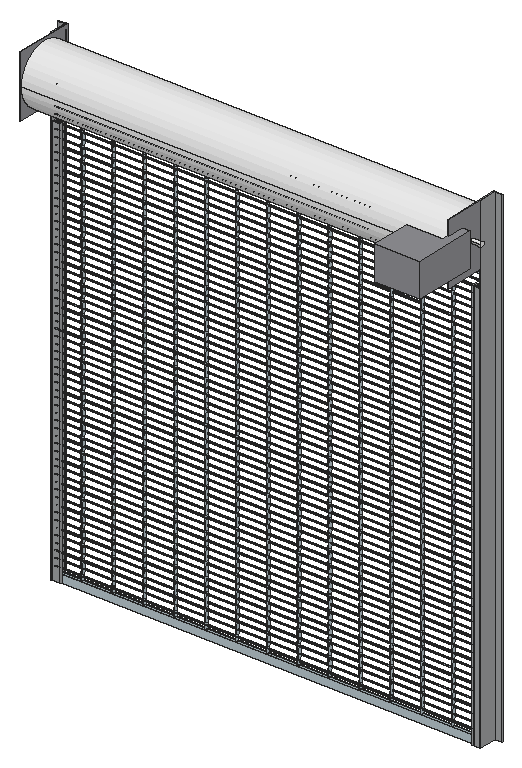
Revit family "Doors_Industrial_Overhead-Door-Corporation_Upward-Coiling-Security-Grilles-671_", category Specialty Equipment, host Wall, Revit 2019 (continued)
Definition of nested family "Motor"
  Dimensions and locks (in)
    aligned and locked: Extrusion 13 to Masking region 1 sketch curve
    aligned and locked: Extrusion 13 sketch curve to plane 13 "Hood Face"
  Automatic sketch dimensions
    plane 1 "Center (Front/Back)" to Revolve 3 sketch curve = 0"
    Revolve 3 sketch curve to Revolve 3 sketch curve = 0.09915"
    Revolve 3 sketch curve to Revolve 3 sketch curve = 4.7892"
    Revolve 3 sketch curve to plane 14 = 1.9628"
    Extrusion 9 sketch curve to plane 3 "Center (Left/Right)" = 0.988"
    plane 3 "Center (Left/Right)" to Extrusion 9 sketch curve = 0.988"
    Extrusion 2 sketch curve to plane 3 "Center (Left/Right)" = 0"
    Extrusion 2 sketch curve to Extrusion 2 sketch curve = 0.1984"
    Extrusion 2 sketch curve to Extrusion 2 sketch curve = 0.15206"
    Extrusion 2 sketch curve to Extrusion 2 sketch curve = 0.25654"
    Extrusion 2 sketch curve to Extrusion 2 sketch curve = 0"  (x2)
    Extrusion 2 sketch curve to Extrusion 2 sketch curve = 0.0593"
  Nested families (in)
    nested 1: "2D_NotScalableMain_29e791da-3db9-4234-ab15-44456784202b" at (0, 0, 0), visible <- "CH Real", type "Default"
      with Not Top + Bench no, Face Mount yes, E-Egress yes
  Definition of nested family "2D_NotScalableMain_29e791da-3db9-4234-ab15-44456784202b"
    Parameters (values of type "Default")
      Wall Mount = no
      Top Mount = no
      Not Top + Bench = yes
      Fire King Face Mount = no
      Face Mount = no
      Top + Bench = no
      E-Egress = no
      Chain Hoist = no
      Bench Mount = no
    Reference planes (in)
      plane 1 "Center (Front/Back)": y = 0
      plane 2: z = 0
      plane 3 "Center (Left/Right)": x = 0
    Lines and regions (in)
      Masking region 1, in view "Ref. Level", visible <- "Not Top + Bench"
        outline origin (0, 0, 0) x (1, 0, 0) y (0, 1, 0)
          loop
            line (-6.9985, -0.96741) -> (-5.7485, -0.96741) -> (-5.7485, -0.30491) -> (-5.5274, -0.30491) -> (-5.5274, -1.76746) -> (-5.42825, -1.86661) -> (-4.5757, -1.86661) -> (-4.5757, -3.22517) -> (-4.134, -3.22517) -> (-4.134, -5.05565) -> (-4.3324, -5.05565) -> (-4.3324, -5.3122)
            arc (-4.3324, -5.3122) -> (-4.24466, -5.55085) -> (-4.02324, -5.67585) r 0.36846
            arc (-4.02324, -5.67585) -> (0, -6.0017) -> (4.02324, -5.67585) r 25
            arc (4.02324, -5.67585) -> (4.24466, -5.55085) -> (4.3324, -5.3122) r 0.36846
            line (4.3324, -5.3122) -> (4.3324, -5.05565) -> (4.116, -5.05565) -> (4.116, -3.22517) -> (4.57, -3.22517) -> (4.57, -1.27241) -> (4.799, -1.27241) -> (4.799, -0.84111) -> (5.199, -0.84111) -> (5.199, 0.79) -> (7.2495, 0.79) -> (7.2495, -1.81) -> (7.52, -1.81) -> (7.52, 0.79) -> (8.82, 0.79) -> (8.82, 1.59) -> (7.52, 1.59) -> (7.52, 4.19) -> (7.2495, 4.19) -> (7.2495, 1.59) -> (4.57, 1.59) -> (4.57, 3.22517) -> (2.988, 3.22517) -> (2.988, 4.96193) -> (-2.988, 4.96193) -> (-2.988, 3.22517) -> (-4.5757, 3.22517) -> (-4.5757, 1.86661) -> (-5.42825, 1.86661) -> (-5.5274, 1.76746) -> (-5.5274, 0.30491) -> (-5.7485, 0.30491) -> (-5.7485, 0.96741) -> (-6.9985, 0.96741) -> (-6.9985, -0.96741)
      Masking region 2, in view "Ref. Level", visible <- "Face Mount"
        outline origin (0, 0, 0) x (1, 0, 0) y (0, 1, 0)
          loop
            line (-3.108, 1.46193) -> (-2.988, 1.46193) -> (-2.988, 4.96193) -> (2.988, 4.96193) -> (2.988, 1.46193) -> (3.108, 1.46193) -> (3.108, 5.08193) -> (7.2495, 5.08193) -> (7.2495, 9.82193) -> (6.8795, 9.82193) -> (6.8795, 5.33193) -> (7.1295, 5.33193) -> (7.1295, 5.20193) -> (-2.988, 5.20193) -> (-2.988, 5.08193) -> (-3.108, 5.08193) -> (-3.108, 1.46193)
      Masking region 3, in view "Ref. Level", visible <- "Top + Bench"
        outline origin (0, 0, 0) x (1, 0, 0) y (0, 1, 0)
          loop
            line (-6.9985, -0.96741) -> (-5.7485, -0.96741) -> (-5.7485, -0.30491) -> (-5.5274, -0.30491) -> (-5.5274, -1.76746) -> (-5.42825, -1.86661) -> (-4.5757, -1.86661) -> (-4.5757, -3.22517) -> (4.57, -3.22517) -> (4.57, -1.27241) -> (4.799, -1.27241) -> (4.799, -0.84111) -> (5.199, -0.84111) -> (5.199, 0.84111) -> (4.799, 0.84111) -> (4.799, 1.27241) -> (4.57, 1.27241) -> (4.57, 3.22034) -> (4.3324, 3.22034) -> (4.3324, 6.13) -> (7.2495, 6.13) -> (7.2495, 3.53) -> (7.52, 3.53) -> (7.52, 6.13) -> (8.82, 6.13) -> (8.82, 6.93) -> (7.52, 6.93) -> (7.52, 9.53) -> (7.2495, 9.53) -> (7.2495, 6.93) -> (4.3324, 6.93) -> (4.3324, 19.24819) -> (3.108, 19.24819) -> (3.108, 20.0298) -> (0.988, 20.0298) -> (0.988, 19.24819) -> (-0.988, 19.24819) -> (-0.988, 20.0298) -> (-3.108, 20.0298) -> (-3.108, 19.24819) -> (-4.3324, 19.24819) -> (-4.3324, 3.22517) -> (-4.5757, 3.22517) -> (-4.5757, 1.86661) -> (-5.42825, 1.86661) -> (-5.5274, 1.76746) -> (-5.5274, 0.30491) -> (-5.7485, 0.30491) -> (-5.7485, 0.96741) -> (-6.9985, 0.96741) -> (-6.9985, -0.96741)
      Masking region 4, in view "Ref. Level", visible <- "Top Mount"
        outline origin (0, 0, 0) x (1, 0, 0) y (0, 1, 0)
          loop
            line (4.3324, 14.55771) -> (4.3324, 6.93) -> (7.2495, 6.93) -> (7.2495, 14.55771) -> (7.1295, 14.55771) -> (7.1295, 15.55771) -> (6.8795, 15.55771) -> (6.8795, 14.55771) -> (4.3324, 14.55771)
      Masking region 5, in view "Ref. Level", visible <- "Wall Mount"
        outline origin (0, 0, 0) x (1, 0, 0) y (0, 1, 0)
          loop
            line (-4.988, 4.96193) -> (-3.108, 4.96193) -> (-3.108, 1.46193) -> (-2.988, 1.46193) -> (-2.988, 5.08193) -> (-4.988, 5.08193) -> (-4.988, 4.96193)
          loop
            line (2.988, 1.46193) -> (3.108, 1.46193) -> (3.108, 4.96193) -> (4.988, 4.96193) -> (4.988, 5.08193) -> (2.988, 5.08193) -> (2.988, 1.46193)
      Masking region 6, in view "Ref. Level", visible <- "Bench Mount"
        outline origin (0, 0, 0) x (1, 0, 0) y (0, 1, 0)
          loop
            line (-7.24, 9.2698) -> (-7.1205, 9.2698) -> (-7.1205, 9.1098) -> (-4.3324, 9.1098) -> (-4.3324, 17.4298) -> (-7.1205, 17.4298) -> (-7.1205, 17.2698) -> (-7.24, 17.2698) -> (-7.24, 9.2698)
      Masking region 7, in view "Ref. Level", visible <- "Chain Hoist"
        outline origin (0, -6.98957, 0) x (1, 0, 0) y (0, 1, 0)
          loop
            line (4.7396, 6.58957) -> (7.2495, 6.58957) -> (7.2495, 3.98957) -> (7.52, 3.98957) -> (7.52, 6.58957) -> (8.82, 6.58957) -> (8.82, 7.38957) -> (7.52, 7.38957) -> (7.52, 9.98957) -> (7.2495, 9.98957) -> (7.2495, 7.38957) -> (4.7396, 7.38957) -> (4.7396, 6.58957)
      Masking region 8, in view "Ref. Level", visible <- "E-Egress"
        outline origin (0, 0, 0) x (1, 0, 0) y (0, 1, 0)
          loop
            line (-6.9985, -0.96741) -> (-5.7485, -0.96741) -> (-5.7485, -0.30491) -> (-5.5274, -0.30491) -> (-5.5274, -1.76746) -> (-5.42825, -1.86661) -> (-4.5757, -1.86661) -> (-4.5757, -3.22517) -> (-4.134, -3.22517) -> (-4.134, -5.05565) -> (-4.3324, -5.05565) -> (-4.3324, -5.3122)
            arc (-4.3324, -5.3122) -> (-4.24466, -5.55085) -> (-4.02324, -5.67585) r 0.36846
            arc (-4.02324, -5.67585) -> (0, -6.0017) -> (4.02324, -5.67585) r 25
            arc (4.02324, -5.67585) -> (4.24466, -5.55085) -> (4.3324, -5.3122) r 0.36846
            line (4.3324, -5.3122) -> (4.3324, -5.05565) -> (4.116, -5.05565) -> (4.116, -3.22517) -> (4.57, -3.22517) -> (4.57, -1.27241) -> (4.799, -1.27241) -> (4.799, -0.84111) -> (5.199, -0.84111) -> (5.199, 0.79) -> (7.2495, 0.79) -> (7.2495, -1.81) -> (7.52, -1.81) -> (7.52, 0.79) -> (8.82, 0.79) -> (8.82, 1.59) -> (7.52, 1.59) -> (7.52, 4.19) -> (7.2495, 4.19) -> (7.2495, 1.59) -> (4.57, 1.59) -> (4.57, 3.22517) -> (2.988, 3.22517) -> (2.988, 4.96193) -> (-2.988, 4.96193) -> (-2.988, 3.22517) -> (-4.5757, 3.22517) -> (-4.5757, 1.86661) -> (-5.42825, 1.86661) -> (-5.5274, 1.76746) -> (-5.5274, 0.30491) -> (-5.7485, 0.30491) -> (-5.7485, 0.96741) -> (-6.9985, 0.96741) -> (-6.9985, -0.96741)
      reference lines, in view "Ref. Level"
        curve 1: line (0, 0, 0) -> (0, 0.125, 0)
        curve 2: line (0, 0, 0) -> (0.125, 0, 0)
      detail lines, in view "Ref. Level", visible <- "Not Top + Bench"
        curve 3: line (7.2495, 4.19, 0) -> (7.2495, -1.81, 0)
        curve 4: line (7.52, 4.19, 0) -> (7.52, -1.81, 0)
        curve 5: line (-4.134, -2.29347, 0) -> (-4.134, -5.05565, 0)
        curve 6: line (4.116, -2.29347, 0) -> (4.116, -5.05565, 0)
        curve 7: line (-4.134, -2.41307, 0) -> (4.116, -2.41307, 0)
        curve 8: line (4.116, -2.29347, 0) -> (3.108, -2.29347, 0)
        curve 9: line (2.988, -2.17347, 0) -> (2.988, 4.96193, 0)
        curve 10: line (2.988, 4.96193, 0) -> (-2.988, 4.96193, 0)
        curve 11: line (-2.988, 4.96193, 0) -> (-2.988, -2.17347, 0)
        curve 12: arc (-2.988, -2.17347, 0) -> (-3.02315, -2.25832, 0) -> (-3.108, -2.29347, 0) r 0.12
        curve 13: arc (3.108, -2.29347, 0) -> (3.02315, -2.25832, 0) -> (2.988, -2.17347, 0) r 0.12
        curve 14: line (4.57, -3.22517, 0) -> (4.57, 0.77483, 0)
        curve 15: line (4.799, -1.27241, 0) -> (4.799, 0.77483, 0)
        curve 16: line (5.199, -0.84111, 0) -> (5.199, 0.77483, 0)
        curve 17: line (-4.5757, -3.22517, 0) -> (-4.5757, 3.22517, 0)
        curve 18: line (-5.42825, -1.86661, 0) -> (-5.42825, 1.86661, 0)
        curve 19: line (-5.5274, 1.76746, 0) -> (-5.5274, -1.76746, 0)
        curve 20: line (-5.7485, -0.96741, 0) -> (-5.7485, 0.96741, 0)
        curve 21: line (-4.134, -2.29347, 0) -> (-3.108, -2.29347, 0)
        curve 22: line (5.199, 0.77483, 0) -> (2.988, 0.77483, 0)
        curve 23: line (4.57, 1.59, 0) -> (2.988, 1.59, 0)
      detail lines, in view "Ref. Level", visible <- "Top + Bench"
        curve 24: line (-4.5757, -3.22517, 0) -> (-4.5757, 3.22517, 0)
        curve 25: line (-5.42825, 1.86661, 0) -> (-5.42825, -1.86661, 0)
        curve 26: line (-5.5274, 1.76746, 0) -> (-5.5274, -1.76746, 0)
        curve 27: line (-5.7485, -0.96741, 0) -> (-5.7485, 0.96741, 0)
        curve 28: line (-4.3324, 1.8898, 0) -> (-4.3324, 19.24819, 0)
        curve 29: line (-4.3324, 1.8898, 0) -> (4.3324, 1.8898, 0)
        curve 30: line (4.3324, 1.8898, 0) -> (4.3324, 19.24819, 0)
        curve 31: line (4.57, 3.22517, 0) -> (4.57, -3.22517, 0)
        curve 32: line (4.799, 1.27241, 0) -> (4.799, -1.22759, 0)
        curve 37: line (2.988, 20.0298, 0) -> (2.988, 19.24819, 0)
        curve 38: line (-2.988, 20.0298, 0) -> (-2.988, 19.24819, 0)
        curve 39: line (-3.108, 19.24819, 0) -> (-0.988, 19.24819, 0)
        curve 40: line (0.988, 19.24819, 0) -> (3.108, 19.24819, 0)
      detail lines, in view "Ref. Level", visible <- "Chain Hoist"
        curve 33: line (7.2495, 3, 0) -> (7.2495, -3, 0)
        curve 34: line (7.52, -3, 0) -> (7.52, 3, 0)
      detail lines, in view "Ref. Level", visible <- "Bench Mount"
        curve 35: line (-7.1205, 17.4298, 0) -> (-7.1205, 9.1098, 0)
        curve 36: line (-6.9985, 17.4298, 0) -> (-6.9985, 9.1098, 0)
      detail lines, in view "Ref. Level", visible <- "E-Egress"
        curve 41: line (7.2495, 4.19, 0) -> (7.2495, -1.81, 0)
        curve 42: line (7.52, 4.19, 0) -> (7.52, -1.81, 0)
        curve 43: line (-4.134, -2.29347, 0) -> (-4.134, -5.05565, 0)
        curve 44: line (4.116, -2.29347, 0) -> (4.116, -5.05565, 0)
        curve 45: line (-4.134, -2.41307, 0) -> (4.116, -2.41307, 0)
        curve 46: line (4.116, -2.29347, 0) -> (3.108, -2.29347, 0)
        curve 47: line (2.988, -2.17347, 0) -> (2.988, 4.96193, 0)
        curve 48: line (2.988, 4.96193, 0) -> (-2.988, 4.96193, 0)
        curve 49: line (-2.988, 4.96193, 0) -> (-2.988, -2.17347, 0)
        curve 50: arc (-2.988, -2.17347, 0) -> (-3.02315, -2.25832, 0) -> (-3.108, -2.29347, 0) r 0.12
        curve 51: arc (3.108, -2.29347, 0) -> (3.02315, -2.25832, 0) -> (2.988, -2.17347, 0) r 0.12
        curve 52: line (4.57, -3.22517, 0) -> (4.57, 0.77483, 0)
        curve 53: line (4.799, -1.27241, 0) -> (4.799, 0.77483, 0)
        curve 54: line (5.199, -0.84111, 0) -> (5.199, 0.77483, 0)
        curve 55: line (-4.5757, -3.22517, 0) -> (-4.5757, 3.22517, 0)
        curve 56: line (-5.42825, -1.86661, 0) -> (-5.42825, 1.86661, 0)
        curve 57: line (-5.5274, 1.76746, 0) -> (-5.5274, -1.76746, 0)
        curve 58: line (-5.7485, -0.96741, 0) -> (-5.7485, 0.96741, 0)
        curve 59: line (-4.134, -2.29347, 0) -> (-3.108, -2.29347, 0)
        curve 60: line (5.199, 0.77483, 0) -> (2.988, 0.77483, 0)
        curve 61: line (4.57, 1.59, 0) -> (2.988, 1.59, 0)
    Dimensions and locks (in)
      curve 1 to curve 1 = 1/8"
      curve 2 to curve 2 = 1/8"
      aligned and locked: plane 1 "Center (Front/Back)" to curve 1
      aligned and locked: plane 3 "Center (Left/Right)" to curve 1
      aligned and locked: plane 1 "Center (Front/Back)" to curve 2
Definition of nested family "671"
  Parameters (values of type "Standard - Gray")
    Step H [instance] = if(Lexan, 12", 9")  # 9"
    Slat Width = 3/4"  # constant formula
    Slat Option [instance] = 1
    SetBack [instance] = if(Lexan, 3", 2")  # 2"
    Second Rod Position [instance] = if(Lattice, 1.38", if(Brick, 2.38", 3.38"))  # 1.38"
    Panel Material = none
    Overall Height [instance] = if(Lattice, 8.38", if(Brick, 8.38", 12.38"))  # 8.38"
    Opening Width [instance] = 124"
    Lexsn Material = none
    Lexan [instance] = if(Slat Option > 2, 1 = 1, 1 = 2)  # no
    Lattice [instance] = if(Slat Option < 2, 1 = 1, 1 = 2)  # yes
    First Rod Position [instance] = if(Lattice, 1", 0")  # 1"
    Default Elevation = 48"
    Brick End [instance] = if(Brick, 1 = 2, 1 = 1)  # yes
    Brick [instance] = if(Slat Option = 2, 1 = 1, 1 = 2)  # no
    Array Visibility [instance] = if(Array < 2, 1 = 2, 1 = 1)  # yes
    Array Real [instance] = if(Array < 2, 2, Array)  # 12
    Array Length [instance] = (Array) * Step H + 0.16"  # 108.16"
    Array [instance] = rounddown((Opening Width) / Step H) - 1  # 12
    1 Element Visibility [instance] = not(Array Visibility)  # no
  Reference planes (in)
    plane 1 "Center (Front/Back)": y = 0
    plane 2: z = 0
    plane 3 "Center (Left/Right)": x = 0
    plane 4: x = -62
    plane 5: x = 62
    plane 6: y = 0.75
    plane 7: y = 0
    plane 8: z = 0
    plane 9: z = 1
    plane 10: y = 0.375
    plane 11 "Left": x = -54.08
    plane 12: x = -64
    plane 13: x = 64
    plane 14: z = 8.38
    plane 15: x = 54.08
    plane 16: x = 45.08
    plane 17: z = 7
    plane 18: x = 36.08
  Forms (in)
    Extrusion 1, solid, material <- "Panel Material"
      sketch origin (0, -4.98186, 2) x (0, 1, 0) y (0, 0, 1)
        loop
          circle (5.35686, -1) r 0.15625
        loop
          circle (5.35686, 1) r 0.16
      from -62 to 62
    Extrusion 2, solid, material <- "Panel Material"
      sketch origin (0, -4.98186, 2) x (0, 1, 0) y (0, 0, 1)
        loop
          circle (5.35686, 5) r 0.15625
        loop
          circle (5.35686, 3) r 0.16
      from -62 to 62
    Extrusion 3, solid, material <- "Lexsn Material", visible <- "Lexan"
      sketch origin (0, 0, 0) x (1, 0, 0) y (0, 0, 1)
        loop
          line (-62, 0.5) -> (62, 0.5) -> (62, 2.5) -> (-62, 2.5) -> (-62, 0.5)
        loop
          line (-62, 3.5) -> (62, 3.5) -> (62, 5.5) -> (-62, 5.5) -> (-62, 3.5)
        loop
          line (-62, 6.5) -> (62, 6.5) -> (62, 8.5) -> (-62, 8.5) -> (-62, 6.5)
        loop
          line (-62, 9.5) -> (62, 9.5) -> (62, 11.5) -> (-62, 11.5) -> (-62, 9.5)
      from -0.53125 to -0.21875
  Dimensions and locks (in)
    equal spacing: plane 4, plane 3 "Center (Left/Right)", plane 5
    "Opening Width": plane 4 to plane 5
    "Slat Width": plane 1 "Center (Front/Back)" to plane 6
    "First Rod Position": plane 9 to level
    equal spacing: plane 1 "Center (Front/Back)", plane 10, plane 6
    locked: plane 12 to plane 4 at 2
    locked: plane 13 to plane 5 at 2
    "Overall Height": plane 14 to level
    equal spacing: plane 11 "Left", plane 3 "Center (Left/Right)", plane 15
    "Array Length": plane 11 "Left" to plane 15
    "Step H": plane 16 to plane 15
    "Second Rod Position": plane 14 to plane 17
    locked: Extrusion 3 sketch curve to Extrusion 3 sketch curve at 2  (x4)
    locked: Extrusion 3 sketch curve to level at 0.5
    locked: Extrusion 3 sketch curve to Extrusion 3 sketch curve at 1  (x3)
    "Step H": plane 18 to plane 16
    equal spacing: group 12, group 11, group 10, group 9, group 8, group 7, group 6, group 5, group 4, group 3, group 2, group 1
    equal spacing: group 1, group 2, group 3, group 4, group 5, group 6, group 7, group 8, group 9, group 10, group 11, group 12  (x2)
    "SetBack": plane 17 to Extrusion 2 sketch curve
    "SetBack": Extrusion 1 sketch curve to Extrusion 1 sketch curve
    radius of Extrusion 1 sketch curve = 5/32"
    radius of Extrusion 2 sketch curve = 5/32"
    radius of Extrusion 2 sketch curve = 0.16"
    radius of Extrusion 1 sketch curve = 0.16"
    aligned and locked: plane 2 to level
    aligned and locked: plane 1 "Center (Front/Back)" to plane 7
    aligned and locked: level to plane 8
    aligned and locked: plane 4 to Extrusion 1
    aligned and locked: plane 5 to Extrusion 1
    aligned and locked: plane 10 to Extrusion 1 sketch curve
    aligned and locked: plane 17 to Extrusion 2 sketch curve
    aligned and locked: plane 10 to Extrusion 2 sketch curve
    aligned and locked: plane 5 to Extrusion 2
    aligned and locked: plane 4 to Extrusion 2
    aligned and locked: Extrusion 3 sketch curve to plane 4  (x2)
    aligned and locked: plane 5 to Extrusion 3 sketch curve  (x2)
    aligned and locked: nested 1 to plane 15
    aligned and locked: plane 8 to nested 1
    aligned and locked: plane 8 to nested 2
    aligned and locked: plane 8 to nested 3
    aligned and locked: nested 2 to plane 16
    aligned and locked: nested 3 to plane 18
    aligned and locked: plane 4 to Extrusion 3 sketch curve  (x2)
    aligned and locked: Extrusion 3 sketch curve to plane 5  (x2)
    aligned and locked: plane 9 to Extrusion 1 sketch curve
    aligned and locked: plane 8 to nested 11
    aligned and locked: nested 11 to plane 16
  Automatic sketch dimensions
    Extrusion 1 sketch curve to plane 10 = 0"
    Extrusion 2 sketch curve to plane 10 = 0"
  Nested families (in)
    nested 1: "Family1" at (54.08, 0, 0), Individual Brick <- "Brick End", type "Family1"
      with Individual Brick yes, SetBack 2", Lexan no, Lattice yes, Height 8.38"
    nested 2: "Family1" at (45.08, 0, 0), visible <- "Array Visibility", type "Family1"
      with Individual Brick yes, SetBack 2", Lexan no, Lattice yes, Height 8.38"
    nested 3: "Family1" at (36.08, 0, 0), visible <- "Array Visibility", type "Family1"
      with Individual Brick yes, SetBack 2", Lexan no, Lattice yes, Height 8.38"
    nested 4: "Family1" at (27.08, 0, 0), visible <- "Array Visibility", type "Family1"
      with Individual Brick yes, SetBack 2", Lexan no, Lattice yes, Height 8.38"
    nested 5: "Family1" at (18.08, 0, 0), visible <- "Array Visibility", type "Family1"
      with Individual Brick yes, SetBack 2", Lexan no, Lattice yes, Height 8.38"
    nested 6: "Family1" at (9.08, 0, 0), visible <- "Array Visibility", type "Family1"
      with Individual Brick yes, SetBack 2", Lexan no, Lattice yes, Height 8.38"
    nested 7: "Family1" at (0.08, 0, 0), visible <- "Array Visibility", type "Family1"
      with Individual Brick yes, SetBack 2", Lexan no, Lattice yes, Height 8.38"
    nested 8: "Family1" at (-8.92, 0, 0), visible <- "Array Visibility", type "Family1"
      with Individual Brick yes, SetBack 2", Lexan no, Lattice yes, Height 8.38"
    nested 9: "Family1" at (-17.92, 0, 0), visible <- "Array Visibility", type "Family1"
      with Individual Brick yes, SetBack 2", Lexan no, Lattice yes, Height 8.38"
    nested 10: "Family1" at (-26.92, 0, 0), visible <- "Array Visibility", type "Family1"
      with Individual Brick yes, SetBack 2", Lexan no, Lattice yes, Height 8.38"
    nested 11: "Family1" at (45.08, 0, 0), visible <- "1 Element Visibility", type "Family1"
      with Individual Brick yes, SetBack 2", Lexan no, Lattice yes, Height 8.38"
    nested 12: "Family1" at (-35.92, 0, 0), visible <- "Array Visibility", type "Family1"
      with Individual Brick yes, SetBack 2", Lexan no, Lattice yes, Height 8.38"
    nested 13: "Family1" at (-44.92, 0, 0), visible <- "Array Visibility", type "Family1"
      with Individual Brick yes, SetBack 2", Lexan no, Lattice yes, Height 8.38"
    nested 14: "Family1" at (-53.92, 0, 0), visible <- "Array Visibility", type "Family1"
      with Individual Brick yes, SetBack 2", Lexan no, Lattice yes, Height 8.38"
  Definition of nested family "Family1"
    Parameters (values of type "Family1")
      Wide = 3/4"  # constant formula
      Slat Material = none
      SetBack = if(Lexan, 3", 2")  # 3"
      Lexan = yes
      Lattice = no
      Individual Brick [instance] = yes
      Height = if(Lattice, 8.38", if(Brick, 8.38", 12.38"))  # 12.38"
      Default Elevation = 48"
      Brick Offset = if(Brick, 4.34", 0")  # 0"
      Brick = no
    Reference planes (in)
      plane 1 "Center (Front/Back)": y = 0
      plane 2: z = 0
      plane 3 "Center (Left/Right)": x = 0
      plane 4: z = 12.38
      plane 5 "Brick": x = 0
      plane 6: z = 3
      plane 7: z = 0
      plane 8: z = 12.005
      plane 9: z = 9.005
      plane 10: z = 6.005
      plane 11: z = 3.005
      plane 12: z = 6
      plane 13: z = 9
    Forms (in)
      Extrusion 1, solid, material <- "Slat Material"
        sketch origin (0, 0, 0) x (0, 1, 0) y (0, 0, 1)
          loop
            line (0, 3) -> (0, 0)
            arc (0, 0) -> (0.375, -0.375) -> (0.75, 0) r 0.375
            line (0.75, 0) -> (0.75, 3)
            arc (0.75, 3) -> (0.375, 3.375) -> (0, 3) r 0.375
          loop
            line (0, 9) -> (0, 6)
            arc (0, 6) -> (0.375, 5.625) -> (0.75, 6) r 0.375
            line (0.75, 6) -> (0.75, 9)
            arc (0.75, 9) -> (0.375, 9.375) -> (0, 9) r 0.375
        from 0 to -0.16
      Extrusion 2, solid, material <- "Slat Material", visible <- "Individual Brick"
        sketch origin (0, -180, -12.72415) x (0, 0, -1) y (0, -1, 0)
          loop
            arc (-24.72915, -180) -> (-25.10415, -180.375) -> (-24.72915, -180.75) r 0.375
            line (-24.72915, -180.75) -> (-21.72915, -180.75)
            arc (-21.72915, -180.75) -> (-21.35415, -180.375) -> (-21.72915, -180) r 0.375
            line (-21.72915, -180) -> (-24.72915, -180)
          loop
            arc (-18.72915, -180) -> (-19.10415, -180.375) -> (-18.72915, -180.75) r 0.375
            line (-18.72915, -180.75) -> (-15.72915, -180.75)
            arc (-15.72915, -180.75) -> (-15.35415, -180.375) -> (-15.72915, -180) r 0.375
            line (-15.72915, -180) -> (-18.72915, -180)
        from 0 to -0.16
    Dimensions and locks (in)
      "Height": plane 4 to level
      "Brick Offset": plane 5 "Brick" to plane 3 "Center (Left/Right)"
      "Wide": Extrusion 1 sketch curve to Extrusion 1 sketch curve
      "SetBack": plane 6 to plane 7
      "Wide": Extrusion 2 sketch curve to Extrusion 2 sketch curve  (x2)
      "SetBack": plane 8 to plane 9
      locked: plane 4 to plane 8 at 0.375
      "SetBack": plane 9 to plane 10
      "SetBack": plane 10 to plane 11
      "SetBack": plane 12 to plane 6
      "SetBack": plane 13 to plane 12
      radius of Extrusion 1 sketch curve = 3/8"  (x4)
      radius of Extrusion 2 sketch curve = 3/8"  (x4)
      aligned and locked: plane 2 to level
      aligned and locked: level to plane 7
      aligned and locked: plane 6 to Extrusion 1 sketch curve  (x2)
      aligned and locked: plane 7 to Extrusion 1 sketch curve
      aligned and locked: plane 8 to Extrusion 2 sketch curve  (x2)
      aligned and locked: plane 9 to Extrusion 2 sketch curve
      aligned and locked: plane 10 to Extrusion 2 sketch curve  (x2)
      aligned and locked: plane 11 to Extrusion 2 sketch curve
      aligned and locked: plane 13 to Extrusion 1 sketch curve
      aligned and locked: plane 12 to Extrusion 1 sketch curve  (x2)
    Automatic sketch dimensions
      Extrusion 1 sketch curve to plane 1 "Center (Front/Back)" = 0"  (x2)
      Extrusion 2 sketch curve to plane 1 "Center (Front/Back)" = 0"  (x2)
Definition of nested family "Label Annotation 1"
  Parameters (values of type "Label Annotation 1-8")
    Label = "Area is too big. Please reduce Door Size."
  Reference planes (in)
    plane 1: y = 0
    plane 2: x = 0
  Text (in)
    label "Label" at (0.00375, -0.00345, 0), shows "Label"
Definition of nested family "Warning Sign"
  Parameters (values of type "Warning Sign")
    Warning Sign [instance] = no
    Default Elevation = 48"
  Reference planes (in)
    plane 1 "Center (Front/Back)": y = 0
    plane 2: z = 0
    plane 3 "Center (Left/Right)": x = 0
    plane 4: y = 0.5
    plane 5: y = -0.5
    plane 6: y = 1
    plane 7: y = 0.25
  Lines and regions (in)
    model lines
      curve 1: line (-2.26129, 1, 45.69444) -> (-26.3817, 1, 3.91667)
      curve 2: line (-25.25106, 1, 3.26389) -> (-1.13064, 1, 45.04167)
      curve 3: arc (2.26129, 1, 45.69444) -> (0, 1, 47) -> (-2.26129, 1, 45.69444) r 2.61111
      curve 4: arc (-1.13064, 1, 45.04167) -> (0, 1, 45.69444) -> (1.13064, 1, 45.04167) r 1.30556
      curve 5: line (1.13064, 1, 45.04167) -> (25.25106, 1, 3.26389)
      curve 6: line (26.3817, 1, 3.91667) -> (2.26129, 1, 45.69444)
      curve 7: arc (25.25106, 1, 3.26389) -> (25.25106, 1, 1.95833) -> (24.12041, 1, 1.30556) r 1.30556
      curve 8: arc (24.12041, 1, 0) -> (26.3817, 1, 1.30556) -> (26.3817, 1, 3.91667) r 2.61111
      curve 9: line (24.12041, 1, 1.30556) -> (-24.12041, 1, 1.30556)
      curve 10: line (-24.12041, 1, 0) -> (24.12041, 1, 0)
      curve 11: arc (-24.12041, 1, 1.30556) -> (-25.25106, 1, 1.95833) -> (-25.25106, 1, 3.26389) r 1.30556
      curve 12: arc (-26.3817, 1, 3.91667) -> (-26.3817, 1, 1.30556) -> (-24.12041, 1, 0) r 2.61111
      curve 13: arc (-2.29479, 1, 8.63537) -> (0, 1, 6.34057) -> (2.29479, 1, 8.63537) r 2.29479
      curve 14: arc (2.29479, 1, 8.63537) -> (0, 1, 10.93016) -> (-2.29479, 1, 8.63537) r 2.29479
      curve 15: arc (-1.6331, 1, 13.97069) -> (0.03439, 1, 12.53727) -> (1.69278, 1, 13.98121) r 1.68043
      curve 16: line (-3.77413, 1, 28.37873) -> (-1.6331, 1, 13.97069)
      curve 17: line (1.69278, 1, 13.98121) -> (3.73924, 1, 28.37873)
      curve 18: arc (3.73924, 1, 28.37873) -> (-0.01745, 1, 32.13541) -> (-3.77413, 1, 28.37873) r 3.75668
      curve 19: line (-2.26129, -0.5, 45.69444) -> (-26.3817, -0.5, 3.91667)
      curve 20: line (-25.25106, -0.5, 3.26389) -> (-1.13064, -0.5, 45.04167)
      curve 21: arc (2.26129, -0.5, 45.69444) -> (0, -0.5, 47) -> (-2.26129, -0.5, 45.69444) r 2.61111
      curve 22: arc (-1.13064, -0.5, 45.04167) -> (0, -0.5, 45.69444) -> (1.13064, -0.5, 45.04167) r 1.30556
      curve 23: line (1.13064, -0.5, 45.04167) -> (25.25106, -0.5, 3.26389)
      curve 24: line (26.3817, -0.5, 3.91667) -> (2.26129, -0.5, 45.69444)
      curve 25: arc (25.25106, -0.5, 3.26389) -> (25.25106, -0.5, 1.95833) -> (24.12041, -0.5, 1.30556) r 1.30556
      curve 26: arc (24.12041, -0.5, 0) -> (26.3817, -0.5, 1.30556) -> (26.3817, -0.5, 3.91667) r 2.61111
      curve 27: line (24.12041, -0.5, 1.30556) -> (-24.12041, -0.5, 1.30556)
      curve 28: line (-24.12041, -0.5, 0) -> (24.12041, -0.5, 0)
      curve 29: arc (-24.12041, -0.5, 1.30556) -> (-25.25106, -0.5, 1.95833) -> (-25.25106, -0.5, 3.26389) r 1.30556
      curve 30: arc (-26.3817, -0.5, 3.91667) -> (-26.3817, -0.5, 1.30556) -> (-24.12041, -0.5, 0) r 2.61111
      curve 31: arc (-2.29479, -0.5, 8.63537) -> (0, -0.5, 6.34057) -> (2.29479, -0.5, 8.63537) r 2.29479
      curve 32: arc (2.29479, -0.5, 8.63537) -> (0, -0.5, 10.93016) -> (-2.29479, -0.5, 8.63537) r 2.29479
      curve 33: arc (-1.6331, -0.5, 13.97069) -> (0.03439, -0.5, 12.53727) -> (1.69278, -0.5, 13.98121) r 1.68043
      curve 34: line (-3.77413, -0.5, 28.37873) -> (-1.6331, -0.5, 13.97069)
      curve 35: line (1.69278, -0.5, 13.98121) -> (3.73924, -0.5, 28.37873)
      curve 36: arc (3.73924, -0.5, 28.37873) -> (-0.01745, -0.5, 32.13541) -> (-3.77413, -0.5, 28.37873) r 3.75668
  Dimensions and locks (in)
    locked: plane 1 "Center (Front/Back)" to plane 4 at 0.5
    equal spacing: plane 1 "Center (Front/Back)", plane 7, plane 4
    locked: plane 4 to plane 6 at 0.5
    locked: plane 5 to plane 1 "Center (Front/Back)" at 0.5
    aligned and locked: plane 2 to level
  Automatic sketch dimensions
    curve 21 to curve 22 = 0"  (x2)
    curve 25 to curve 26 = 0"  (x2)
    curve 29 to curve 30 = 0"  (x2)
    curve 31 to curve 32 = 0"  (x2)
    curve 21 to plane 3 "Center (Left/Right)" = 0"
    curve 31 to plane 3 "Center (Left/Right)" = 0"
    curve 30 to level = 0"
    level to curve 27 = 1.30556"
    curve 26 to curve 27 = 1.30556"
    curve 29 to curve 27 = 1.30556"
    curve 23 to curve 25 = 0.65278"
    curve 20 to curve 29 = 0.65278"
    curve 24 to curve 23 = 0.65278"
    curve 19 to curve 20 = 0.65278"
    level to curve 32 = 8.63537"
    curve 34 to plane 3 "Center (Left/Right)" = 1.6331"
    curve 34 to curve 31 = 5.33532"
    plane 3 "Center (Left/Right)" to curve 35 = 1.69278"
    curve 35 to curve 34 = 0.01052"
    plane 3 "Center (Left/Right)" to curve 33 = 0.02908"
    curve 36 to plane 3 "Center (Left/Right)" = 0.01745"
    curve 36 to curve 33 = 14.16104"
    curve 22 to curve 36 = 16.01016"
    plane 3 "Center (Left/Right)" to curve 23 = 1.13064"
    curve 23 to curve 21 = 0.65278"
    curve 20 to plane 3 "Center (Left/Right)" = 1.13064"
    plane 3 "Center (Left/Right)" to curve 24 = 2.26129"
    curve 24 to curve 22 = 0.65278"
    curve 19 to plane 3 "Center (Left/Right)" = 2.26129"
    curve 34 to curve 36 = 3.75668"
    curve 30 to plane 3 "Center (Left/Right)" = 24.12041"
    plane 3 "Center (Left/Right)" to curve 25 = 24.12041"
    curve 31 to curve 31 = 2.29479"
    curve 3 to curve 4 = 0"  (x2)
    curve 7 to curve 8 = 0"  (x2)
    curve 11 to curve 12 = 0"  (x2)
    curve 13 to curve 14 = 0"  (x2)
    curve 3 to plane 3 "Center (Left/Right)" = 0"
    curve 13 to plane 3 "Center (Left/Right)" = 0"
    curve 12 to level = 0"
    level to curve 9 = 1.30556"
    curve 8 to curve 9 = 1.30556"
    curve 11 to curve 9 = 1.30556"
    curve 5 to curve 7 = 0.65278"
    curve 2 to curve 11 = 0.65278"
    curve 6 to curve 5 = 0.65278"
    curve 1 to curve 2 = 0.65278"
    level to curve 14 = 8.63537"
    curve 16 to plane 3 "Center (Left/Right)" = 1.6331"
    curve 16 to curve 13 = 5.33532"
    plane 3 "Center (Left/Right)" to curve 17 = 1.69278"
    curve 17 to curve 16 = 0.01052"
    plane 3 "Center (Left/Right)" to curve 15 = 0.02908"
    curve 18 to plane 3 "Center (Left/Right)" = 0.01745"
    curve 18 to curve 15 = 14.16104"
    curve 4 to curve 18 = 16.01016"
    plane 3 "Center (Left/Right)" to curve 5 = 1.13064"
    curve 5 to curve 3 = 0.65278"
    curve 2 to plane 3 "Center (Left/Right)" = 1.13064"
    plane 3 "Center (Left/Right)" to curve 6 = 2.26129"
    curve 6 to curve 4 = 0.65278"
    curve 1 to plane 3 "Center (Left/Right)" = 2.26129"
    curve 16 to curve 18 = 3.75668"
    curve 12 to plane 3 "Center (Left/Right)" = 24.12041"
    plane 3 "Center (Left/Right)" to curve 7 = 24.12041"
    curve 13 to curve 13 = 2.29479"
Types (9): name | Voltage | Operator Visibility | Number of Poles | Hood Offset | Headroom Height Real | Headroom Height | Frequency | Door Height True | Door Height (Real) | Floor To (CL) of Shaft | Chain Hoist or Manual | Current | Calculated Area | Apparent Load Phase 3 | Apparent Load Phase 2 | Apparent Load Phase 1
  115 volts, one phase, 60 Hz (110-120V range) | 115 V | yes | 1 | 5" | 23" | 23" | 60 Hz | 143" | 125" | 134" | no | 20 A | 104.601 SF | 0 VA | 0 VA | 2300 VA
  Chain Hoist | 0 V | yes | 1 | 3" | 21" | 21" | 0 Hz | 141" | 123" | 132" | yes | 0 A | 102.927 SF | 0 VA | 0 VA | 0 VA
  Manual push-up | 0 V | no | 1 | 3" | 21" | 21" | 0 Hz | 141" | 123" | 132" | yes | 0 A | 102.927 SF | 0 VA | 0 VA | 0 VA
  230 volts, three phase, 60 Hz (208-245V range) | 230 V | yes | 3 | 5" | 23" | 23" | 60 Hz | 143" | 125" | 134" | no | 20 A | 104.601 SF | 2655.81 VA | 2655.81 VA | 2655.81 VA
  230 volts, single phase, 60 Hz (208-245V range) | 230 V | yes | 1 | 5" | 23" | 23" | 60 Hz | 143" | 125" | 134" | no | 20 A | 104.601 SF | 0 VA | 0 VA | 4600 VA
  460 volts, three phase, 60 Hz (456-495V range) | 460 V | yes | 3 | 5" | 23" | 23" | 60 Hz | 143" | 125" | 134" | no | 20 A | 104.601 SF | 5311.62 VA | 5311.62 VA | 5311.62 VA
  208 volts, one phase, 60 Hz (190-207V range) | 208 V | yes | 1 | 5" | 23" | 23" | 60 Hz | 143" | 125" | 134" | no | 20 A | 104.601 SF | 0 VA | 0 VA | 4160 VA
  208 volts, three phase, 60 Hz (190-207V range) | 208 V | yes | 3 | 5" | 23" | 23" | 60 Hz | 143" | 125" | 134" | no | 20 A | 104.601 SF | 2401.78 VA | 2401.78 VA | 2401.78 VA
  575 volts, three phase, 60 Hz | 575 V | yes | 3 | 5" | 23" | 23" | 60 Hz | 143" | 125" | 134" | no | 20 A | 104.601 SF | 6639.53 VA | 6639.53 VA | 6639.53 VA
